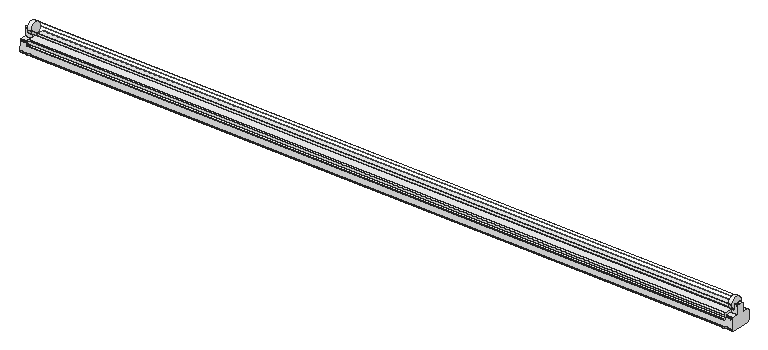
Revit family "CH8", category Lighting Fixtures, host Face, Revit 2012
Parameters (values of type "CH8")
  Wattage Comments = "14W - 54W"
  Wattage = 54 W
  built-in parameter 1150110 = 1 (stored number, unit not read)
  URL = "http://www.columbialighting.com/"
  built-in parameter 1114217 = 1 (stored number, unit not read)
  Tilt Angle = -90.00°
  built-in parameter 1150109 = 1 (stored number, unit not read)
  built-in parameter 1150134 = 3
  built-in parameter 1150113 = 1 (stored number, unit not read)
  Product Page URL = "http://www.columbialighting.com/products/ch"
  Product Documentation Link = "http://www.columbialighting.com/content/products/specs/specs_files/ch.pdf"
  Photometric Web File = "generic"
  built-in parameter 1150142 = (empty or 0)
  Model = "CH8"  # constant formula
  Manufacturer Phone = "864.678.1000"  # constant formula
  Manufacturer Fax = "866.898.1065"  # constant formula
  Manufacturer = "Columbia Lighting"  # constant formula
  built-in parameter 1150105 = 638.31 (stored number, unit not read)
  Lumens = 8021.27 lm
  built-in parameter 1150115 = 1 (stored number, unit not read)
  built-in parameter 1150137 = (empty or 0)
  built-in parameter 1150139 = (empty or 0)
  built-in parameter 1150112 = 1 (stored number, unit not read)
  built-in parameter 1150114 = 1 (stored number, unit not read)
  Lamp = "1 OR 2"  # constant formula
  built-in parameter 1150132 = (empty or 0)
  built-in parameter 1150102 = (empty or 0)
  built-in parameter 1150107 = 3200 (stored number, unit not read)
  built-in parameter 1150138 = (empty or 0)
  built-in parameter 1150106 = 6.3831 (stored number, unit not read)
  Glass = Glass
  Emit from Line Length = 15.000"
  built-in parameter 1150104 = 13.8 (stored number, unit not read)
  Dimming Lamp Color Temperature Shift = <None>
  Description = "2', 3', 4', or 8' Heavy Duty Narrow Channel / 1or 2-Lamp T5, T8"  # constant formula
  Default Elevation = 48.000"
  Color Filter = 16777215
  built-in parameter 1114218 = 1 (stored number, unit not read)
  Backbox = White
  built-in parameter 1150133 = 10 (stored number, unit not read)
Reference planes (in)
  plane 1 "Center (Front/Back)": y = 0.03999
  plane 2: z = 0
  plane 3 "Center (Left/Right)": x = 23.57354
  plane 4: y = 1.53999
  plane 5: y = -1.46001
  plane 6: x = -24.42646
  plane 7: x = 71.57354
  plane 8: x = -23.92646
  plane 9: x = 71.07354
  plane 10: z = 3.4375
  plane 11: z = 1.5625
  plane 12: x = 70.57354
  plane 13: x = -23.42646
  plane 14: z = 1.8125
Forms (in)
  Extrusion 1, solid, material "White" <- "Backbox"
    sketch origin (23.57354, 0, 0) x (0, 1, 0) y (0, 0, 1)
      loop
        line (0.03999, 1.5625) -> (-1.1639, 1.5625) -> (-1.1639, 1.4809)
        arc (-1.1639, 1.4809) -> (-1.18847, 1.42158) -> (-1.2478, 1.397) r 0.08389
        line (-1.2478, 1.397) -> (-1.30283, 1.397) -> (-1.30283, 0.20563)
        arc (-1.30283, 0.20563) -> (-1.24261, 0.06023) -> (-1.09721, 0) r 0.20563
        line (-1.09721, 0) -> (0.03999, 0) -> (1.17719, 0)
        arc (1.17719, 0) -> (1.32259, 0.06023) -> (1.38282, 0.20563) r 0.20563
        line (1.38282, 0.20563) -> (1.38282, 1.397) -> (1.32778, 1.397)
        arc (1.32778, 1.397) -> (1.26846, 1.42158) -> (1.24388, 1.4809) r 0.08389
        line (1.24388, 1.4809) -> (1.24388, 1.5625) -> (0.03999, 1.5625)
    from -48 to -47
  Extrusion 2, solid, material "White" <- "Backbox"
    sketch origin (23.57354, 0, 0) x (0, 1, 0) y (0, 0, 1)
      loop
        line (1.38282, 0.20563) -> (1.38282, 1.147) -> (1.48609, 1.147)
        arc (1.48609, 1.147) -> (1.53766, 1.18078) -> (1.52729, 1.24156) r 0.05626
        arc (1.52729, 1.24156) -> (1.45578, 1.31995) -> (1.38282, 1.397) r 5.7198
        line (1.38282, 1.397) -> (1.38282, 1.71027)
        arc (1.38282, 1.71027) -> (1.35288, 1.78256) -> (1.28059, 1.8125) r 0.10223
        line (1.28059, 1.8125) -> (0.03999, 1.8125) -> (-1.20061, 1.8125)
        arc (-1.20061, 1.8125) -> (-1.27289, 1.78256) -> (-1.30283, 1.71027) r 0.10223
        line (-1.30283, 1.71027) -> (-1.30283, 1.397)
        arc (-1.30283, 1.397) -> (-1.37579, 1.31995) -> (-1.44731, 1.24156) r 5.7198
        arc (-1.44731, 1.24156) -> (-1.45768, 1.18078) -> (-1.40611, 1.147) r 0.05626
        line (-1.40611, 1.147) -> (-1.30283, 1.147) -> (-1.30283, 0.20563)
        arc (-1.30283, 0.20563) -> (-1.24261, 0.06023) -> (-1.09721, 0) r 0.20563
        line (-1.09721, 0) -> (0.03999, 0) -> (1.17719, 0)
        arc (1.17719, 0) -> (1.32259, 0.06023) -> (1.38282, 0.20563) r 0.20563
    from -47 to 47
  Extrusion 3, solid, material "White" <- "Backbox"
    sketch origin (23.57354, 0, 0) x (0, 1, 0) y (0, 0, 1)
      loop
        line (1.24388, 1.4809) -> (1.24388, 1.5625) -> (0.03999, 1.5625) -> (-1.1639, 1.5625) -> (-1.1639, 1.4809)
        arc (-1.1639, 1.4809) -> (-1.18847, 1.42158) -> (-1.2478, 1.397) r 0.08389
        line (-1.2478, 1.397) -> (-1.30283, 1.397) -> (-1.30283, 0.20563)
        arc (-1.30283, 0.20563) -> (-1.24261, 0.06023) -> (-1.09721, 0) r 0.20563
        line (-1.09721, 0) -> (0.03999, 0) -> (1.17719, 0)
        arc (1.17719, 0) -> (1.32259, 0.06023) -> (1.38282, 0.20563) r 0.20563
        line (1.38282, 0.20563) -> (1.38282, 1.397) -> (1.32778, 1.397)
        arc (1.32778, 1.397) -> (1.26846, 1.42158) -> (1.24388, 1.4809) r 0.08389
    from 47 to 48
  Extrusion 4, solid, material "White" <- "Backbox"
    sketch origin (23.57354, 0, 0) x (0, 1, 0) y (0, 0, 1)
      loop
        circle (0.03999, 2.67788) r 0.75962
    from 47 to 47.5
  Extrusion 5, solid, material "White" <- "Backbox"
    sketch origin (23.57354, 0, 0) x (0, 1, 0) y (0, 0, 1)
      loop
        line (-0.20913, 2.7447) -> (-0.33744, 2.7447)
        arc (-0.33744, 2.7447) -> (-0.37267, 2.73011) -> (-0.38726, 2.69488) r 0.04982
        line (-0.38726, 2.69488) -> (-0.38726, 1.5625) -> (0.46724, 1.5625) -> (0.46724, 2.6918)
        arc (0.46724, 2.6918) -> (0.45174, 2.72921) -> (0.41433, 2.7447) r 0.05291
        line (0.41433, 2.7447) -> (0.2463, 2.7447)
        arc (0.2463, 2.7447) -> (0.22298, 2.73902) -> (0.20488, 2.72324) r 0.0507
        arc (0.20488, 2.72324) -> (0.02033, 2.62769) -> (-0.16483, 2.72204) r 0.22742
        arc (-0.16483, 2.72204) -> (-0.18425, 2.73871) -> (-0.20913, 2.7447) r 0.05462
    from -48 to -47
  Extrusion 6, solid, material "White" <- "Backbox"
    sketch origin (23.57354, 0, 0) x (0, 1, 0) y (0, 0, 1)
      loop
        line (0.41433, 2.7447) -> (0.2463, 2.7447)
        arc (0.2463, 2.7447) -> (0.22298, 2.73902) -> (0.20488, 2.72324) r 0.0507
        arc (0.20488, 2.72324) -> (0.02033, 2.62769) -> (-0.16483, 2.72204) r 0.22742
        arc (-0.16483, 2.72204) -> (-0.18425, 2.73871) -> (-0.20913, 2.7447) r 0.05462
        line (-0.20913, 2.7447) -> (-0.33744, 2.7447)
        arc (-0.33744, 2.7447) -> (-0.37267, 2.73011) -> (-0.38726, 2.69488) r 0.04982
        line (-0.38726, 2.69488) -> (-0.38726, 1.5625) -> (0.46724, 1.5625) -> (0.46724, 2.6918)
        arc (0.46724, 2.6918) -> (0.45174, 2.72921) -> (0.41433, 2.7447) r 0.05291
    from 47 to 48
  Extrusion 7, solid, material "Glass" <- "Glass"
    sketch origin (23.57354, 0, 0) x (0, 1, 0) y (0, 0, 1)
      loop
        circle (0.03999, 2.67788) r 0.75
    from -47 to 47
  Extrusion 8, solid, material "White" <- "Backbox"
    sketch origin (23.57354, 0, 0) x (0, 1, 0) y (0, 0, 1)
      loop
        circle (0.03999, 2.67788) r 0.75
    from -47 to -47.5
Cuts and joins
  joined: Extrusion 1, Extrusion 2, Extrusion 3, Extrusion 4, Extrusion 5, Extrusion 6, Extrusion 8
Lines and regions (in)
  model lines
    curve 1: circle (71.57354, 0.04069, 0.78321) r 0.5 normal (1, 0, 0)
    curve 2: circle (71.57354, 0.03253, 0.77505) r 0.28793 normal (1, 0, 0)
    curve 3: circle (71.57354, 0.97735, 1.13799) r 0.09942 normal (1, 0, 0)
    curve 4: circle (71.57354, -0.89737, 1.13799) r 0.09942 normal (-1, 0, 0)
    curve 5: circle (-24.42646, 0.04069, 0.78321) r 0.5 normal (1, 0, 0)
    curve 6: circle (-24.42646, 0.03253, 0.77505) r 0.28793 normal (1, 0, 0)
    curve 7: circle (-24.42646, 0.97735, 1.13799) r 0.09942 normal (1, 0, 0)
    curve 8: circle (-24.42646, -0.89737, 1.13799) r 0.09942 normal (-1, 0, 0)
Dimensions and locks (in)
  equal spacing: plane 4, plane 1 "Center (Front/Back)", plane 5
  locked: plane 4 to plane 5 at 3
  equal spacing: plane 7, plane 3 "Center (Left/Right)", plane 6
  locked: plane 7 to plane 6 at 96
  locked: plane 8 to plane 6 at 0.5
  locked: plane 9 to plane 7 at 0.5
  locked: plane 10 to level at 3.4375
  locked: plane 11 to host face at 1.5625
  locked: plane 12 to plane 7 at 1
  locked: plane 13 to plane 6 at 1
  locked: plane 14 to host face at 1.8125
  equal spacing: Extrusion 5 sketch curve, plane 1 "Center (Front/Back)", Extrusion 5 sketch curve
  aligned and locked: host face to plane 2
  aligned and locked: host face to level
  aligned and locked: plane 3 "Center (Left/Right)" to imposter light
  aligned and locked: Extrusion 2 sketch curve to Extrusion 1  (x2)
  aligned and locked: Extrusion 3 sketch curve to Extrusion 1  (x10)
  aligned and locked: Extrusion 2 to plane 13
  aligned and locked: Extrusion 2 to plane 12
  aligned and locked: Extrusion 3 to plane 7
  aligned and locked: plane 12 to Extrusion 3
  aligned and locked: Extrusion 1 to plane 6
  aligned and locked: plane 13 to Extrusion 1
  aligned and locked: Extrusion 4 to plane 9
  aligned and locked: plane 12 to Extrusion 4
  aligned and locked: Extrusion 5 sketch curve to Extrusion 5 sketch curve
  aligned and locked: plane 11 to Extrusion 5 sketch curve
  aligned and locked: Extrusion 6 sketch curve to Extrusion 5  (x7)
  aligned and locked: Extrusion 6 to plane 7
  aligned and locked: plane 12 to Extrusion 6
  aligned and locked: Extrusion 5 to plane 6
  aligned and locked: plane 13 to Extrusion 5
  aligned and locked: Extrusion 8 sketch curve to Extrusion 7  (x2)
  aligned and locked: Extrusion 8 to plane 13
  aligned and locked: Extrusion 8 to plane 8
  aligned and locked: Extrusion 7 to plane 13
  aligned and locked: Extrusion 7 to plane 12
  aligned and locked: imposter light to plane 1 "Center (Front/Back)"
  aligned and locked: imposter light to cut or joined group of Extrusion 1, Extrusion 2, Extrusion 3, Extrusion 4, Extrusion 5, Extrusion 6, Extrusion 8
Automatic sketch dimensions
  host sketch curve to host sketch curve = 109.3745"
  host sketch curve to host sketch curve = 96.000"
  Extrusion 1 sketch curve to plane 11 = 0.000"
  Extrusion 1 sketch curve to level = 0.000"
  Extrusion 1 sketch curve to plane 1 "Center (Front/Back)" = 0.000"  (x2)
  plane 5 to Extrusion 1 sketch curve = 0.3628"
  Extrusion 1 sketch curve to plane 11 = 0.0816"
  plane 5 to Extrusion 1 sketch curve = 0.29611"
  Extrusion 1 sketch curve to Extrusion 1 sketch curve = 0.08389"  (x2)
  plane 5 to Extrusion 1 sketch curve = 0.15717"
  plane 4 to Extrusion 1 sketch curve = 0.3628"
  plane 4 to Extrusion 1 sketch curve = 0.29611"
  Extrusion 1 sketch curve to Extrusion 1 sketch curve = 0.05504"
  Extrusion 1 sketch curve to plane 11 = 0.1655"
  Extrusion 4 sketch curve to plane 1 "Center (Front/Back)" = 0.000"
  Extrusion 4 sketch curve to plane 10 = 0.75962"
  plane 1 "Center (Front/Back)" to Extrusion 5 sketch curve = 0.42725"
  Extrusion 5 sketch curve to Extrusion 5 sketch curve = 0.04982"
  Extrusion 5 sketch curve to Extrusion 5 sketch curve = 0.12831"
  Extrusion 5 sketch curve to Extrusion 5 sketch curve = 0.04429"
  Extrusion 5 sketch curve to Extrusion 5 sketch curve = 0.000"  (x2)
  plane 1 "Center (Front/Back)" to Extrusion 5 sketch curve = 0.0204"
  Extrusion 5 sketch curve to plane 1 "Center (Front/Back)" = 0.16489"
  Extrusion 5 sketch curve to Extrusion 5 sketch curve = 0.04142"
  Extrusion 5 sketch curve to Extrusion 5 sketch curve = 0.05291"
  Extrusion 5 sketch curve to plane 10 = 0.7457"
  Extrusion 7 sketch curve to Extrusion 7 sketch curve = 0.000"  (x2)
  Extrusion 7 sketch curve to plane 1 "Center (Front/Back)" = 0.000"
  plane 5 to Extrusion 7 sketch curve = 0.750"
  Extrusion 7 sketch curve to plane 10 = 0.75962"
  Extrusion 2 sketch curve to plane 14 = 0.000"
  Extrusion 2 sketch curve to plane 1 "Center (Front/Back)" = 0.000"  (x2)
  level to Extrusion 2 sketch curve = 0.20563"
  plane 5 to Extrusion 2 sketch curve = 0.3628"
  plane 5 to Extrusion 2 sketch curve = 0.2594"
  Extrusion 2 sketch curve to plane 14 = 0.10223"
  plane 5 to Extrusion 2 sketch curve = 0.0539"
  plane 5 to Extrusion 2 sketch curve = 0.0127"
  Extrusion 2 sketch curve to plane 5 = 1.27383"
  plane 4 to Extrusion 2 sketch curve = 0.2594"
  plane 4 to Extrusion 2 sketch curve = 0.15717"
  plane 4 to Extrusion 2 sketch curve = 0.0539"
  plane 4 to Extrusion 2 sketch curve = 0.0127"
  Extrusion 2 sketch curve to plane 4 = 1.27383"
  Extrusion 2 sketch curve to level = 2.57406"  (x2)
  Extrusion 2 sketch curve to plane 11 = 0.4155"  (x2)
  Extrusion 2 sketch curve to Extrusion 2 sketch curve = 0.05626"  (x2)
  Extrusion 3 sketch curve to plane 1 "Center (Front/Back)" = 0.000"  (x2)
  curve 4 to Extrusion 3 = 0.26653"
  curve 4 to curve 2 = 0.9299"
  curve 2 to curve 1 = 0.00816"  (x2)
  curve 3 to Extrusion 3 = 0.26653"
  curve 2 to Extrusion 3 = 0.62195"
  curve 4 to Extrusion 3 = 0.25901"
  curve 3 to Extrusion 3 = 0.25901"
  plane 5 to curve 8 = 0.56264"
  plane 1 "Center (Front/Back)" to curve 6 = 0.00746"
  curve 5 to plane 1 "Center (Front/Back)" = 0.0007"
  plane 4 to curve 7 = 0.56264"
  curve 8 to plane 11 = 0.42451"
  curve 7 to plane 11 = 0.42451"
  curve 5 to plane 11 = 0.77929"
  curve 5 to curve 6 = 0.00816"
  radius of Extrusion 4 sketch curve = 0.75962"
  radius of curve 1 = 0.500"
  radius of curve 2 = 0.28793"
  radius of curve 3 = 0.09942"
  radius of curve 4 = 0.09942"
  radius of curve 5 = 0.500"
  radius of curve 6 = 0.28793"
  radius of curve 7 = 0.09942"
  radius of curve 8 = 0.09942"
Connectors (in)
  electrical at (23.26079, 0, 0), driven by "Description"
    settings: on host face, index 1, voltage 0 V, apparent load 0 VA, apparent load phase1 0 VA, apparent load phase2 0 VA, apparent load phase3 0 VA, power factor 1, load classification "Other", number of poles 1, system type 30, power factor state 1, is connector primary yes, connector utility no, sub classification motor no, connector description "2', 3', 4', or 8' Heavy Duty Narrow Channel / 1or 2-Lamp T5, T8"
